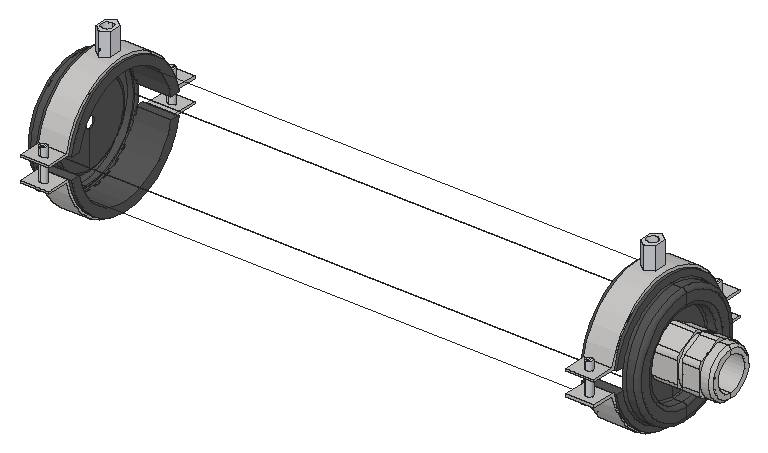
Revit family "FT Secure Block_2020", category Lighting Fixtures, Revit 2020
Family settings
  Round Connector Dimension = Use Diameter
  Part Type = Normal
  OmniClass Number = 23.80.70.00
  OmniClass Title = Lighting
  Work Plane-Based = No
  Always vertical = Yes
  Cut with Voids When Loaded = No
  Light Source = Yes
  Shared = No
  Room Calculation Point = No
Parameters (values of type "EXSB6")
  Watts = 0 W
  Wattage = 2.01963 W
  built-in parameter 1150110 = 1 (stored number, unit not read)
  Useful life = "L70B50>50000"
  Unify glade rating = "UGR<19"
  URL = "https://www.airfal.com/prod/atex-atmosfera-explosiva/luminaria-secure-block/"
  built-in parameter 1114217 = 1 (stored number, unit not read)
  Tilt Angle = 90.00°
  built-in parameter 1150109 = 1 (stored number, unit not read)
  built-in parameter 1150134 = 12
  built-in parameter 1150113 = 1 (stored number, unit not read)
  Photometric Web File = "SECURE BLOCK 300lm.IES"
  Photobiological risk group = "RG1"
  Mode = "Non-maintained"
  MacAdam Ellipse = "3/4"
  built-in parameter 1150105 = 23.873 (stored number, unit not read)
  Lumens = 300 lm
  built-in parameter 1150115 = 1 (stored number, unit not read)
  built-in parameter 1150137 = (empty or 0)
  built-in parameter 1150139 = (empty or 0)
  Led Module = yes
  built-in parameter 1150112 = 1 (stored number, unit not read)
  built-in parameter 1150114 = 1 (stored number, unit not read)
  L = 415.00 mm
  built-in parameter 1150132 = 2
  built-in parameter 1150102 = (empty or 0)
  built-in parameter 1150107 = 4000 (stored number, unit not read)
  built-in parameter 1150138 = (empty or 0)
  built-in parameter 1150106 = 0.23873 (stored number, unit not read)
  IP = "IP68-2"
  IK = "IK10"
  Glow wire test = "960ºC"
  Emit from Line Length = 609.60 mm
  Emergency system = yes
  built-in parameter 1150104 = 13.8 (stored number, unit not read)
  EX Area = "Ex II 3GD Ex nR IIC T6 Gc Ex tc IIIC T85 ºC Dc"
  Dimming Lamp Color Temperature Shift = <None>
  Description = "https://www.airfal.com/wp-content/uploads/2019/06/FT-Secure-Block.pdf"
  Default Elevation = 0.00 mm
  Color Filter = 16777215
  Chromatic Index = ""
  built-in parameter 1114218 = 1 (stored number, unit not read)
  Autonomy (h) = "1"
  built-in parameter 1150133 = 10 (stored number, unit not read)
Types (6, lengths in mm): name | Wattage | Photometric Web File | Mode | built-in parameter 1150105 | Lumens | built-in parameter 1150106 | Autonomy (h)
  EXSB1 | 0.67321 W | "SECURE BLOCK 100lm.IES" | "Maintained" | 7.9577 (stored number, unit not read) | 100 lm | 0.079577 (stored number, unit not read) | "3"
  EXSB4 | 0.67321 W | "SECURE BLOCK 100lm.IES" | "Non-maintained" | 7.9577 (stored number, unit not read) | 100 lm | 0.079577 (stored number, unit not read) | "3"
  EXSB2 | 1.34642 W | "SECURE BLOCK 200lm.IES" | "Maintained" | 15.915 (stored number, unit not read) | 200 lm | 0.15915 (stored number, unit not read) | "1.5"
  EXSB5 | 1.34642 W | "SECURE BLOCK 200lm.IES" | "Non-maintained" | 15.915 (stored number, unit not read) | 200 lm | 0.15915 (stored number, unit not read) | "1.5"
  EXSB3 | 2.01963 W | "SECURE BLOCK 300lm.IES" | "Maintained" | 23.873 (stored number, unit not read) | 300 lm | 0.23873 (stored number, unit not read) | "1"
  EXSB6 | 2.01963 W | "SECURE BLOCK 300lm.IES" | "Non-maintained" | 23.873 (stored number, unit not read) | 300 lm | 0.23873 (stored number, unit not read) | "1"
Reference planes
  plane 1 "Light Source Axis (F/B)": y = -218.644
  plane 2: z = 0
  plane 3 "Light Source Axis (L/R)": x = 0
  plane 4 "Light Source Elevation": z = 1371.6
  plane 5: z = 0
  plane 6: x = -207.5
  plane 7: x = 207.5
  plane 8: x = -206.5
  plane 9: x = 206.5
  plane 10: z = 1331.1
Forms (mm)
  Extrusion 1, solid, material "Polycarbonate"
    sketch origin (0, 0, 0) x (0, 1, 0) y (0, 0, 1)
      loop
        circle (-218.644, 1371.6) r 40.5
    from -207.5 to 207.5
Dimensions and locks
  equal spacing: plane 6, plane 3 "Light Source Axis (L/R)", plane 7
  "L": plane 6 to plane 7
  locked: plane 8 to plane 6 at 1
  locked: plane 9 to plane 7 at 1
  locked: plane 4 "Light Source Elevation" to plane 10 at 40.5
  aligned and locked: level to plane 5
  aligned and locked: Extrusion 1 to plane 6
  aligned and locked: Extrusion 1 to plane 7
  aligned and locked: plane 7 to nested 1
  aligned and locked: plane 6 to nested 2
  aligned and locked: nested 1 to plane 4 "Light Source Elevation"
  aligned and locked: plane 4 "Light Source Elevation" to nested 2
  aligned and locked: nested 3 to plane 8
  aligned and locked: nested 4 to plane 9
  aligned and locked: nested 4 to plane 1 "Light Source Axis (F/B)"
  aligned and locked: plane 4 "Light Source Elevation" to nested 4
  aligned and locked: plane 4 "Light Source Elevation" to nested 3
  aligned and locked: nested 5 to plane 7
  aligned and locked: plane 4 "Light Source Elevation" to nested 5
  aligned and locked: plane 10 to imposter light
Automatic sketch dimensions
  Extrusion 1 sketch curve to plane 1 "Light Source Axis (F/B)" = 0.00 mm
  plane 4 "Light Source Elevation" to Extrusion 1 sketch curve = 0.00 mm
  radius of Extrusion 1 sketch curve = 40.50 mm
Nested families
  nested 1: "SS 304 Black polycarbonate 304 (hole)" at (207.5, -218.644, 1371.6) x (-1, 0, 0) z (0, 0, 1), type "D83"
  nested 2: "SS 304 Black polycarbonate 304 (no hole)" at (-207.5, -218.644, 1371.6), type "D83"
  nested 3: "2S Clamp with Lining" at (-194, -218.644, 1371.6) x (0, 1, 0) z (0, 0, 1), type "82-87"
  nested 4: "2S Clamp with Lining" at (194, -218.644, 1371.6) x (0, 1, 0) z (0, 0, 1), type "82-87"
  nested 5: "Armed cablegland EEX" at (192.5, -218.644, 1371.6), type "Armed cablegland EEX"
Definition of nested family "SS 304 Black polycarbonate 304 (hole)"
  Parameters (values of type "D83")
    R = 41.50 mm
    Default Elevation = 0.00 mm
  Reference planes
    plane 1 "Center (Front/Back)": y = 0
    plane 2: z = 0
    plane 3 "Center (Left/Right)": x = 0
  Forms (mm)
    Revolve 1, solid
      sketch origin (0, 0, 0) x (1, 0, 0) y (0, 0, 1)
        loop
          line (0, 4.23) -> (1, 4.23) -> (1, 30.08)
          arc (1, 30.08) -> (0.707, 30.787) -> (0, 31.08) r 1
          line (0, 31.08) -> (-6.5, 31.08)
          arc (-6.5, 31.08) -> (-8.268, 31.812) -> (-9, 33.58) r 2.5
          line (-9, 33.58) -> (-9, 38.5)
          arc (-9, 38.5) -> (-8.121, 40.621) -> (-6, 41.5) r 3
          line (-6, 41.5) -> (0, 41.5)
          arc (0, 41.5) -> (0.793, 43.109) -> (-0.966, 42.759) r 1
          line (-0.966, 42.759) -> (0, 42.5) -> (-7, 42.5)
          arc (-7, 42.5) -> (-9.121, 41.621) -> (-10, 39.5) r 3
          line (-10, 39.5) -> (-10, 32.58)
          arc (-10, 32.58) -> (-9.268, 30.812) -> (-7.5, 30.08) r 2.5
          line (-7.5, 30.08) -> (-1, 30.08)
          arc (-1, 30.08) -> (-0.293, 29.787) -> (0, 29.08) r 1
          line (0, 29.08) -> (0, 4.23)
        axis (-10, 0) -> (1, 0)
      angle from 0 to 360
    Extrusion 2, void
      sketch origin (0, 0, 0) x (0, 1, 0) y (0, 0, 1)
        loop
          circle (22.537, 0) r 9.25
      from 0 to 1
  Cuts and joins
    Extrusion 2 cuts Revolve 1
  Lines and regions (mm)
    model lines
      curve 1: line (-0.966, 0, 0) -> (1, 0, 0)
  Dimensions and locks
    "R": Revolve 1 sketch curve to Revolve 1 sketch curve
    aligned and locked: plane 2 to level
  Automatic sketch dimensions
    curve 1 to level = 0.00 mm
    curve 1 to plane 3 "Center (Left/Right)" = 0.966 mm
    plane 3 "Center (Left/Right)" to curve 1 = 1.00 mm
    Extrusion 2 sketch curve to level = 0.00 mm
    Extrusion 2 sketch curve to plane 1 "Center (Front/Back)" = 22.537 mm
    Revolve 1 sketch curve to level = 0.00 mm
    Revolve 1 sketch curve to plane 3 "Center (Left/Right)" = 0.00 mm  (x4)
    Revolve 1 sketch curve to plane 3 "Center (Left/Right)" = 0.966 mm
    Revolve 1 sketch curve to Revolve 1 sketch curve = 1.00 mm  (x5)
    Revolve 1 sketch curve to Revolve 1 sketch curve = 5.034 mm
    Revolve 1 sketch curve to Revolve 1 sketch curve = 5.50 mm
    Revolve 1 sketch curve to Revolve 1 sketch curve = 1.50 mm
    plane 3 "Center (Left/Right)" to Revolve 1 sketch curve = 1.00 mm
    level to Revolve 1 sketch curve = 4.23 mm
    Revolve 1 sketch curve to Revolve 1 sketch curve = 9.42 mm
    Revolve 1 sketch curve to Revolve 1 sketch curve = 0.00 mm  (x2)
    Revolve 1 sketch curve to plane 3 "Center (Left/Right)" = 26.536 mm
    Revolve 1 sketch curve to Revolve 1 sketch curve = 40.858 mm
    radius of Extrusion 2 sketch curve = 9.25 mm
Definition of nested family "SS 304 Black polycarbonate 304 (no hole)"
  Parameters (values of type "D83")
    R = 41.50 mm
    Default Elevation = 0.00 mm
  Reference planes
    plane 1 "Center (Front/Back)": y = 0
    plane 2: z = 0
    plane 3 "Center (Left/Right)": x = 0
  Forms (mm)
    Revolve 1, solid
      sketch origin (0, 0, 0) x (1, 0, 0) y (0, 0, 1)
        loop
          line (1, 4.23) -> (1, 30.08)
          arc (1, 30.08) -> (0.707, 30.787) -> (0, 31.08) r 1
          line (0, 31.08) -> (-6.5, 31.08)
          arc (-6.5, 31.08) -> (-8.268, 31.812) -> (-9, 33.58) r 2.5
          line (-9, 33.58) -> (-9, 38.5)
          arc (-9, 38.5) -> (-8.121, 40.621) -> (-6, 41.5) r 3
          line (-6, 41.5) -> (0, 41.5)
          arc (0, 41.5) -> (0.793, 43.109) -> (-0.966, 42.759) r 1
          line (-0.966, 42.759) -> (0, 42.5) -> (-7, 42.5)
          arc (-7, 42.5) -> (-9.121, 41.621) -> (-10, 39.5) r 3
          line (-10, 39.5) -> (-10, 32.58)
          arc (-10, 32.58) -> (-9.268, 30.812) -> (-7.5, 30.08) r 2.5
          line (-7.5, 30.08) -> (-1, 30.08)
          arc (-1, 30.08) -> (-0.293, 29.787) -> (0, 29.08) r 1
          line (0, 29.08) -> (0, 4.23) -> (1, 4.23)
        axis (-10, 0) -> (1, 0)
      angle from 0 to 360
  Lines and regions (mm)
    model lines
      curve 1: line (-0.966, 0, 0) -> (1.034, 0, 0)
  Dimensions and locks
    "R": Revolve 1 sketch curve to Revolve 1 sketch curve
    Revolve 1 sketch curve to Revolve 1 sketch curve to Revolve 1 sketch curve to Revolve 1 sketch curve = 1.00 mm, 10.42 mm, 1.00 mm
    aligned and locked: plane 2 to level
  Automatic sketch dimensions
    curve 1 to level = 0.00 mm
    curve 1 to plane 3 "Center (Left/Right)" = 0.966 mm
    plane 3 "Center (Left/Right)" to curve 1 = 1.034 mm
    Revolve 1 sketch curve to level = 0.00 mm
    Revolve 1 sketch curve to plane 3 "Center (Left/Right)" = 0.00 mm  (x4)
    Revolve 1 sketch curve to plane 3 "Center (Left/Right)" = 0.966 mm
    Revolve 1 sketch curve to Revolve 1 sketch curve = 1.00 mm  (x4)
    Revolve 1 sketch curve to Revolve 1 sketch curve = 5.034 mm
    Revolve 1 sketch curve to Revolve 1 sketch curve = 5.50 mm
    Revolve 1 sketch curve to Revolve 1 sketch curve = 2.00 mm
    plane 3 "Center (Left/Right)" to Revolve 1 sketch curve = 1.00 mm
    level to Revolve 1 sketch curve = 4.23 mm
    Revolve 1 sketch curve to Revolve 1 sketch curve = 0.00 mm
    Revolve 1 sketch curve to plane 3 "Center (Left/Right)" = 26.536 mm
    Revolve 1 sketch curve to Revolve 1 sketch curve = 40.858 mm
Definition of nested family "2S Clamp with Lining"
  Parameters (values of type "145-153")
    s = 2.00 mm
    r1 = 75.00 mm
    h = 101.00 mm
    e = 20.00 mm
    b2 = 25.00 mm
    b = 23.00 mm
    H = 186.00 mm
    R2 = 85.00 mm
    R1 = 83.00 mm
    Default Elevation = 0.00 mm
    D = 150.00 mm
    B = 203.00 mm
  Types (4, lengths in mm): name | s | r1 | h | e | b2 | b | H | R2 | R1 | D | B
    38-46 | 1.30 | 20.50 | 45.00 | 10.00 | 22.00 | 20.00 | 74.00 | 29.00 | 27.80 | 41.00 | 84.00
    96-103 | 2.00 | 50.00 | 76.00 | 15.00 | 25.00 | 23.00 | 136.00 | 60.00 | 58.00 | 100.00 | 153.00
    145-153 | 2.00 | 75.00 | 101.00 | 20.00 | 25.00 | 23.00 | 186.00 | 85.00 | 83.00 | 150.00 | 203.00
    82-87 | 1.50 | 41.50 | 66.00 | 15.00 | 25.00 | 20.00 | 115.00 | 49.50 | 48.00 | 83.00 | 130.00
  Reference planes
    plane 1 "Center (Front/Back)": y = 0
    plane 2: z = 0
    plane 3 "Center (Left/Right)": x = 0
    plane 4: z = 101
    plane 5: z = -85
    plane 6: x = -101.5
    plane 7: x = 101.5
    plane 8: y = 11.5
    plane 9: y = -11.5
    plane 10: z = -75
    plane 11: z = 75
    plane 12: z = 85
    plane 13: z = -10
    plane 14: z = 10
    plane 15: z = -12
    plane 16: z = 12
    plane 17: z = 10
    plane 18: z = -10
    plane 19: z = 12
    plane 20: z = -12
    plane 21: y = 12.5
    plane 22: y = -12.5
    plane 23: x = -93.5
    plane 24: x = 93.5
  Forms (mm)
    Extrusion 1, solid
      sketch origin (34.5, 0, 46.201) x (1, 0, 0) y (0, 0, 1)
        loop
          line (-116.895, -56.201) -> (-136, -56.201) -> (-136, -58.201) -> (-118.649, -58.201)
          arc (-118.649, -58.201) -> (-34.5, -131.201) -> (49.649, -58.201) r 85
          line (49.649, -58.201) -> (67, -58.201) -> (67, -56.201) -> (47.895, -56.201)
          arc (47.895, -56.201) -> (-34.5, -129.201) -> (-116.895, -56.201) r 83
        loop
          arc (-116.895, -36.201) -> (-34.5, 36.799) -> (47.895, -36.201) r 83
          line (47.895, -36.201) -> (67, -36.201) -> (67, -34.201) -> (49.649, -34.201)
          arc (49.649, -34.201) -> (-34.5, 38.799) -> (-118.649, -34.201) r 85
          line (-118.649, -34.201) -> (-136, -34.201) -> (-136, -36.201) -> (-116.895, -36.201)
      from -11.5 to 11.5
    Extrusion 2, solid
      sketch origin (0, 0, 0) x (1, 0, 0) y (0, 1, 0)
        loop
          circle (0, 0) r 4
        loop
          line (-8, 0) -> (-4, -6.928) -> (4, -6.928) -> (8, 0) -> (4, 6.928) -> (-4, 6.928) -> (-8, 0)
      from 85 to 101
    Extrusion 3, solid
      sketch origin (0, 0, 0) x (1, 0, 0) y (0, 0, 1)
        loop
          line (-74.33, -10) -> (-82.395, -10)
          arc (-82.395, -10) -> (0, -83) -> (82.395, -10) r 83
          line (82.395, -10) -> (74.33, -10)
          arc (74.33, -10) -> (0, -75) -> (-74.33, -10) r 75
        loop
          line (-82.395, 10) -> (-74.33, 10)
          arc (-74.33, 10) -> (0, 75) -> (74.33, 10) r 75
          line (74.33, 10) -> (82.395, 10)
          arc (82.395, 10) -> (0, 83) -> (-82.395, 10) r 83
      from -12.5 to 12.5
    Revolve 4, solid
      sketch origin (0, 0, 0) x (1, 0, 0) y (0, 0, 1)
        loop
          line (-98.5, -12) -> (-98.5, -14.5)
          arc (-98.5, -14.5) -> (-96.083, -15.47) -> (-93.5, -15.8) r 10.265
          line (-93.5, -15.8) -> (-93.5, 18) -> (-95.375, 18) -> (-96, 17.375) -> (-96, -12) -> (-98.5, -12)
        axis (-93.5, -15.8) -> (-93.5, 18)
      angle from 0 to 360
    Revolve 5, solid
      sketch origin (135.743, 0, 0) x (1, 0, 0) y (0, 0, 1)
        loop
          line (-47.243, -12) -> (-47.243, -14.5)
          arc (-47.243, -14.5) -> (-44.826, -15.47) -> (-42.243, -15.8) r 10.265
          line (-42.243, -15.8) -> (-42.243, 18) -> (-44.118, 18) -> (-44.743, 17.375) -> (-44.743, -12) -> (-47.243, -12)
        axis (-42.243, -15.8) -> (-42.243, 18)
      angle from 0 to 360
  Lines and regions (mm)
    model lines
      curve 1: line (-93.5, 0, 0) -> (-91.5, 0, 0)
      curve 2: line (0, 0, 0) -> (0, -2, 0)
  Dimensions and locks
    "h": plane 4 to level
    "H": plane 4 to plane 5
    "B": plane 6 to plane 7
    equal spacing: plane 6, plane 3 "Center (Left/Right)", plane 7
    "b": plane 8 to plane 9
    equal spacing: plane 8, plane 1 "Center (Front/Back)", plane 9
    equal spacing: plane 11, level, plane 10
    "D": plane 11 to plane 10
    locked: plane 4 to plane 12 at 16
    equal spacing: plane 14, level, plane 13
    "s": plane 13 to plane 15
    "s": plane 16 to plane 14
    "e": plane 14 to plane 13
    equal spacing: plane 17, level, plane 18
    "e": plane 17 to plane 18
    "s": plane 19 to plane 17
    "s": plane 18 to plane 20
    equal spacing: plane 21, plane 1 "Center (Front/Back)", plane 22
    "b2": plane 21 to plane 22
    locked: plane 6 to plane 23 at 8
    locked: plane 7 to plane 24 at 8
    "R1": radius of Extrusion 1 sketch curve  (x2)
    "R2": radius of Extrusion 1 sketch curve  (x2)
    "r1": radius of Extrusion 3 sketch curve  (x2)
    "R1": radius of Extrusion 3 sketch curve  (x2)
    aligned and locked: plane 2 to level
    aligned and locked: plane 4 to Extrusion 2
    aligned and locked: Extrusion 2 to plane 12
    aligned and locked: plane 6 to Extrusion 1 sketch curve
    aligned and locked: Extrusion 1 sketch curve to plane 6
    aligned and locked: Extrusion 1 sketch curve to plane 7
    aligned and locked: plane 7 to Extrusion 1 sketch curve
    aligned and locked: Extrusion 1 sketch curve to plane 20
    aligned and locked: plane 18 to Extrusion 1 sketch curve
    aligned and locked: Extrusion 1 sketch curve to plane 17
    aligned and locked: plane 19 to Extrusion 1 sketch curve
    aligned and locked: plane 20 to Extrusion 1 sketch curve
    aligned and locked: Extrusion 1 sketch curve to plane 18
    aligned and locked: plane 17 to Extrusion 1 sketch curve
    aligned and locked: Extrusion 1 sketch curve to plane 19
    aligned and locked: Extrusion 1 to plane 8
    aligned and locked: Extrusion 1 to plane 9
    aligned and locked: Extrusion 1 to Extrusion 3 sketch curve
    aligned and locked: plane 18 to Extrusion 3 sketch curve  (x2)
    aligned and locked: Extrusion 3 sketch curve to plane 17
    aligned and locked: Extrusion 3 to plane 21
    aligned and locked: Extrusion 3 to plane 22
  Automatic sketch dimensions
    plane 1 "Center (Front/Back)" to Extrusion 2 sketch curve = 0.00 mm  (x3)
    Extrusion 2 sketch curve to plane 3 "Center (Left/Right)" = 0.00 mm
    Extrusion 2 sketch curve to plane 3 "Center (Left/Right)" = 4.00 mm  (x2)
    Extrusion 2 sketch curve to Extrusion 2 sketch curve = 4.00 mm  (x2)
    plane 3 "Center (Left/Right)" to Extrusion 2 sketch curve = 4.00 mm  (x2)
    plane 9 to Extrusion 2 sketch curve = 4.572 mm
    plane 8 to Extrusion 2 sketch curve = 4.572 mm
    Revolve 4 sketch curve to plane 20 = 0.00 mm
    Revolve 4 sketch curve to plane 23 = 0.00 mm  (x2)
    plane 23 to Revolve 4 sketch curve = 1.875 mm
    plane 23 to Revolve 4 sketch curve = 2.50 mm
    Revolve 4 sketch curve to Revolve 4 sketch curve = 2.50 mm
    plane 20 to Revolve 4 sketch curve = 2.50 mm
    Revolve 4 sketch curve to Revolve 4 sketch curve = 3.80 mm
    plane 19 to Revolve 4 sketch curve = 5.375 mm
    Revolve 4 sketch curve to Revolve 4 sketch curve = 0.625 mm
    Revolve 4 sketch curve to Revolve 4 sketch curve = 3.403 mm
    Revolve 4 sketch curve to Revolve 4 sketch curve = 4.181 mm
    Revolve 5 sketch curve to plane 20 = 0.00 mm
    Revolve 5 sketch curve to plane 24 = 0.00 mm  (x2)
    Revolve 5 sketch curve to Revolve 5 sketch curve = 1.875 mm
    Revolve 5 sketch curve to plane 24 = 2.50 mm
    Revolve 5 sketch curve to Revolve 5 sketch curve = 2.50 mm
    plane 20 to Revolve 5 sketch curve = 2.50 mm
    Revolve 5 sketch curve to Revolve 5 sketch curve = 3.80 mm
    plane 19 to Revolve 5 sketch curve = 5.375 mm
    Revolve 5 sketch curve to Revolve 5 sketch curve = 0.625 mm
    Revolve 5 sketch curve to Revolve 5 sketch curve = 3.403 mm
    Revolve 5 sketch curve to Revolve 5 sketch curve = 4.181 mm
    curve 1 to level = 0.00 mm
    plane 23 to curve 1 = 0.00 mm
    curve 1 to curve 1 = 2.00 mm
    curve 2 to level = 0.00 mm
    curve 2 to plane 1 "Center (Front/Back)" = 0.00 mm
    plane 1 "Center (Front/Back)" to curve 2 = 2.00 mm
    Extrusion 1 sketch curve to Extrusion 1 sketch curve = 0.00 mm  (x12)
    Extrusion 1 sketch curve to level = 0.00 mm
    Extrusion 1 sketch curve to plane 3 "Center (Left/Right)" = 0.00 mm
    Extrusion 3 sketch curve to Extrusion 3 sketch curve = 0.00 mm  (x12)
    Extrusion 3 sketch curve to level = 0.00 mm
    Extrusion 3 sketch curve to plane 3 "Center (Left/Right)" = 0.00 mm
    radius of Extrusion 2 sketch curve = 4.00 mm
Definition of nested family "Armed cablegland EEX"
  Parameters (values of type "Armed cablegland EEX")
    PG = "1621"
    NPT = "3/4\"1\""
    Metrics = "M25x1.5"
    Gas conic = "3/4\"1\""
    Emergency system = "EMERGENCY 1h / 3h"
    EX Area = "II 2 GD EEx db IIC T6"
    Dimmable equipment = "1-10 DALI"
    Default Elevation = 0.00 mm
    D = 15.00 mm
    C = 42.00 mm
    B = 39.00 mm
    A = 35.00 mm
  Reference planes
    plane 1 "Center (Front/Back)": y = 0
    plane 2: z = 0
    plane 3 "Center (Left/Right)": x = 0
    plane 4: x = 15
    plane 5: x = 57
    plane 6: z = 17.5
    plane 7: z = -17.5
    plane 8: z = 19.5
    plane 9: z = -19.5
    plane 10: y = -17.5
    plane 11: y = 17.5
  Forms (mm)
    Revolve 1, solid
      sketch origin (0, 0, 0) x (1, 0, 0) y (0, 0, 1)
        loop
          line (0, 11.956) -> (33, 11.956) -> (33, 14.005) -> (15.025, 14.005)
          arc (15.025, 14.005) -> (14.525, 13.505) -> (14.025, 14.005) r 0.5
          arc (14.025, 14.005) -> (13.525, 13.505) -> (13.025, 14.005) r 0.5
          arc (13.025, 14.005) -> (12.525, 13.505) -> (12.025, 14.005) r 0.5
          arc (12.025, 14.005) -> (11.525, 13.505) -> (11.025, 14.005) r 0.5
          arc (11.025, 14.005) -> (10.525, 13.505) -> (10.025, 14.005) r 0.5
          arc (10.025, 14.005) -> (9.525, 13.505) -> (9.025, 14.005) r 0.5
          arc (9.025, 14.005) -> (8.525, 13.505) -> (8.025, 14.005) r 0.5
          arc (8.025, 14.005) -> (7.525, 13.505) -> (7.025, 14.005) r 0.5
          arc (7.025, 14.005) -> (6.525, 13.505) -> (6.025, 14.005) r 0.5
          arc (6.025, 14.005) -> (5.525, 13.505) -> (5.025, 14.005) r 0.5
          arc (5.025, 14.005) -> (4.525, 13.505) -> (4.025, 14.005) r 0.5
          arc (4.025, 14.005) -> (3.525, 13.505) -> (3.025, 14.005) r 0.5
          arc (3.025, 14.005) -> (2.525, 13.505) -> (2.025, 14.005) r 0.5
          arc (2.025, 14.005) -> (1.525, 13.505) -> (1.025, 14.005) r 0.5
          line (1.025, 14.005) -> (0, 12.98) -> (0, 11.956)
        axis (0, 0) -> (33, 0)
      angle from 0 to 360
    Extrusion 2, solid
      sketch origin (15, -4572, 334.988) x (0, 0, 1) y (0, -1, 0)
        loop
          line (-316.08, -4569.75) -> (-323.586, -4556.75)
          arc (-323.586, -4556.75) -> (-325.233, -4555.103) -> (-327.483, -4554.5) r 4.5
          line (-327.483, -4554.5) -> (-342.494, -4554.5)
          arc (-342.494, -4554.5) -> (-344.744, -4555.103) -> (-346.391, -4556.75) r 4.5
          line (-346.391, -4556.75) -> (-353.896, -4569.75)
          arc (-353.896, -4569.75) -> (-354.499, -4572) -> (-353.896, -4574.25) r 4.5
          line (-353.896, -4574.25) -> (-346.391, -4587.25)
          arc (-346.391, -4587.25) -> (-344.744, -4588.897) -> (-342.494, -4589.5) r 4.5
          line (-342.494, -4589.5) -> (-327.483, -4589.5)
          arc (-327.483, -4589.5) -> (-325.233, -4588.897) -> (-323.586, -4587.25) r 4.5
          line (-323.586, -4587.25) -> (-316.08, -4574.25)
          arc (-316.08, -4574.25) -> (-315.477, -4572) -> (-316.08, -4569.75) r 4.5
        loop
          circle (-334.988, -4572) r 12
      from 0 to 18
    Extrusion 3, solid
      sketch origin (36.589, -4572, 334.988) x (0, 0, 1) y (0, -1, 0)
        loop
          line (-316.08, -4569.75) -> (-323.586, -4556.75)
          arc (-323.586, -4556.75) -> (-325.233, -4555.103) -> (-327.483, -4554.5) r 4.5
          line (-327.483, -4554.5) -> (-342.494, -4554.5)
          arc (-342.494, -4554.5) -> (-344.744, -4555.103) -> (-346.391, -4556.75) r 4.5
          line (-346.391, -4556.75) -> (-353.896, -4569.75)
          arc (-353.896, -4569.75) -> (-354.499, -4572) -> (-353.896, -4574.25) r 4.5
          line (-353.896, -4574.25) -> (-346.391, -4587.25)
          arc (-346.391, -4587.25) -> (-344.744, -4588.897) -> (-342.494, -4589.5) r 4.5
          line (-342.494, -4589.5) -> (-327.483, -4589.5)
          arc (-327.483, -4589.5) -> (-325.233, -4588.897) -> (-323.586, -4587.25) r 4.5
          line (-323.586, -4587.25) -> (-316.08, -4574.25)
          arc (-316.08, -4574.25) -> (-315.477, -4572) -> (-316.08, -4569.75) r 4.5
        loop
          circle (-334.988, -4572) r 12
      from 0 to 12
    Revolve 4, solid
      sketch origin (0, 0, 0) x (1, 0, 0) y (0, 0, 1)
        loop
          line (33, 12) -> (57, 12) -> (57, 15.488) -> (54.988, 17.5) -> (33, 17.5) -> (33, 12)
        axis (33, 0) -> (57, 0)
      angle from 0 to 360
  Cuts and joins
    joined: Extrusion 2, Extrusion 3, Revolve 4
  Dimensions and locks
    "D": plane 4 to plane 3 "Center (Left/Right)"
    "C": plane 5 to plane 4
    equal spacing: plane 6, level, plane 7
    "B": plane 9 to plane 8
    equal spacing: plane 9, level, plane 8
    equal spacing: plane 11, plane 1 "Center (Front/Back)", plane 10
    "A": plane 11 to plane 10
    aligned and locked: plane 2 to level
  Automatic sketch dimensions
    Extrusion 2 sketch curve to plane 1 "Center (Front/Back)" = 0.00 mm  (x3)
    Extrusion 2 sketch curve to plane 11 = 0.00 mm
    Extrusion 2 sketch curve to plane 10 = 0.00 mm
    Extrusion 2 sketch curve to level = 0.00 mm
    Extrusion 2 sketch curve to level = 7.506 mm  (x2)
    Extrusion 2 sketch curve to plane 11 = 2.25 mm  (x2)
    Extrusion 2 sketch curve to Extrusion 2 sketch curve = 3.897 mm  (x4)
    Extrusion 2 sketch curve to plane 10 = 2.25 mm  (x2)
    plane 7 to Extrusion 2 sketch curve = 2.489 mm
    Extrusion 2 sketch curve to plane 9 = 0.592 mm  (x2)
    level to Extrusion 2 sketch curve = 7.506 mm  (x2)
    Extrusion 2 sketch curve to plane 6 = 2.489 mm
    Extrusion 2 sketch curve to plane 8 = 0.592 mm  (x2)
    Extrusion 2 sketch curve to plane 1 "Center (Front/Back)" = 2.25 mm  (x2)
    Extrusion 3 sketch curve to plane 1 "Center (Front/Back)" = 0.00 mm  (x3)
    Extrusion 3 sketch curve to plane 11 = 0.00 mm
    Extrusion 3 sketch curve to plane 10 = 0.00 mm
    Extrusion 3 sketch curve to level = 0.00 mm
    Extrusion 3 sketch curve to level = 7.506 mm  (x2)
    Extrusion 3 sketch curve to plane 11 = 2.25 mm  (x2)
    Extrusion 3 sketch curve to Extrusion 3 sketch curve = 3.897 mm  (x4)
    Extrusion 3 sketch curve to plane 10 = 2.25 mm  (x2)
    plane 7 to Extrusion 3 sketch curve = 2.489 mm
    Extrusion 3 sketch curve to plane 9 = 0.592 mm  (x2)
    level to Extrusion 3 sketch curve = 7.506 mm  (x2)
    Extrusion 3 sketch curve to plane 6 = 2.489 mm
    Extrusion 3 sketch curve to plane 8 = 0.592 mm  (x2)
    Extrusion 3 sketch curve to plane 1 "Center (Front/Back)" = 2.25 mm  (x2)
    Revolve 4 sketch curve to level = 0.00 mm
    Revolve 4 sketch curve to plane 6 = 0.00 mm
    plane 5 to Revolve 4 sketch curve = 0.00 mm
    plane 5 to Revolve 4 sketch curve = 2.012 mm
    Revolve 4 sketch curve to plane 6 = 5.50 mm
    plane 4 to Revolve 4 sketch curve = 18.00 mm
    Revolve 4 sketch curve to plane 6 = 2.012 mm
    Revolve 4 sketch curve to plane 3 "Center (Left/Right)" = 6.257 mm
    Revolve 4 sketch curve to plane 5 = 9.07 mm
    Revolve 1 sketch curve to plane 3 "Center (Left/Right)" = 0.00 mm  (x2)
    Revolve 1 sketch curve to level = 0.00 mm
    plane 5 to Revolve 1 sketch curve = 0.00 mm
    plane 3 "Center (Left/Right)" to Revolve 1 sketch curve = 1.025 mm
    Revolve 1 sketch curve to Revolve 1 sketch curve = 0.50 mm  (x2)
    Revolve 1 sketch curve to Revolve 1 sketch curve = 1.00 mm  (x11)
    Revolve 1 sketch curve to plane 4 = 0.475 mm
    plane 4 to Revolve 1 sketch curve = 0.025 mm
    Revolve 1 sketch curve to plane 6 = 5.544 mm
    plane 4 to Revolve 1 sketch curve = 18.00 mm
    Revolve 1 sketch curve to Revolve 1 sketch curve = 1.025 mm  (x2)
    Revolve 1 sketch curve to Revolve 1 sketch curve = 2.049 mm
    Revolve 1 sketch curve to Revolve 1 sketch curve = 0.00 mm  (x22)
    radius of Extrusion 2 sketch curve = 12.00 mm
    radius of Extrusion 3 sketch curve = 12.00 mm
